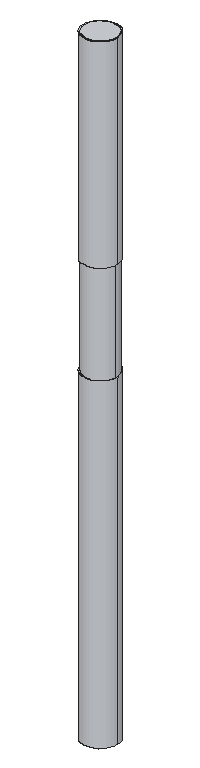
Revit family "CENTUM Gewindestift links rechts", category HLS-Bauteile, Revit 2017
Family settings
  Bemaßung runder Anschluss = Durchmesser verwenden
  Teiletyp = Normal
  Arbeitsebenenbasiert = Nein
  Immer vertikal = Nein
  Beim Laden mit Abzugskörper schneiden = Nein
  Gemeinsam genutzt = Ja
  Raumberechnungspunkt = Nein
Parameters (values of type "Gewindestift L/R M16")
  vpe = "1 St"
  Regelhalter [instance] = ""
  Oberflaeche = "feuerverzinkt"
  Mengeneinheit = "St"
  Material = "Stahl"
  Länge Gewinde 2 = "80 mm"
  Länge Gewinde 1 = "130 mm"
  Länge = 250 mm
  L3 = 6.8 mm
  L2 = 6.8 mm
  L = 250 mm
  Kurztext2 = "M16 x 250 mm fvz FK 4.6"
  Kurztext1 = "Gewindestift links-rechts"
  Gewinde = "M16"
  Gewicht pro Bauteil = Gewicht  # 0.40 kg
  Gewicht = 0.40 kg
  Firma = "MEFA Befestigungs- und Montagesysteme GmbH"
  Festigkeitsklasse = "4.6"
  Fabrikat = "MEFA"
  EAN = "4250928449603"
  D = 12.6 mm
  Artikelnummer = "1660007216"
Types (3, lengths in mm): name | L3 | L2 | Kurztext2 | Gewinde | Gewicht pro Bauteil | Gewicht | EAN | D | Artikelnummer
  (no name) | 6.8 | 6.8 | "M16 x 250 mm fvz FK 4.6" | "M16" | 0.40 kg | 0.40 kg | "4250928449603" | 12.6 | "1660007216"
  Gewindestift L/R M16 | 6.8 | 6.8 | "M16 x 250 mm fvz FK 4.6" | "M16" | 0.40 kg | 0.40 kg | "4250928449603" | 12.6 | "1660007216"
  Gewindestift L/R M12 | 4.9 | 4.9 | "M12 x 250 mm fvz FK 4.6" | "M12" | 0.22 kg | 0.22 kg | "4250928449597" | 8.8 | "1660007212"
Reference planes
  plane 1 "Mitte (Vorne/hinten)": y = 0
  plane 2: z = 0
  plane 3 "Mitte (Links/rechts)": x = 0
  plane 4: z = 250
Forms (mm)
  Extrusion 1, solid
    sketch origin (0, 0, 0) x (1, 0, 0) y (0, 1, 0)
      loop
        circle (0, 0) r 6.3
    from 0 to 250
  Extrusion 2, solid
    sketch origin (0, 0, 0) x (1, 0, 0) y (0, 1, 0)
      loop
        circle (0, 0) r 6.8
    from 0 to 130
  Extrusion 3, solid
    sketch origin (0, 0, 250) x (1, 0, 0) y (0, 1, 0)
      loop
        circle (0, 0) r 6.8
    from -80 to 0
Lines and regions (mm)
  model lines, not visible
    curve 1: line (12.5, 0, 250) -> (-12.5, 0, 250)
    curve 2: line (0, 12.5, 250) -> (0, -12.5, 250)
    curve 3: line (0, 12.5, 0) -> (0, -12.5, 0)
    curve 4: line (12.5, 0, 0) -> (-12.5, 0, 0)
    curve 5: line (0, 0, 260.037) -> (0, 0, -9.963)
Dimensions and locks
  "L": level to plane 4
  "D": diameter of Extrusion 1 sketch curve
  "L2": radius of Extrusion 2 sketch curve
  "L3": radius of Extrusion 3 sketch curve
  aligned and locked: level to plane 2
  aligned and locked: Extrusion 1 to level
  aligned and locked: Extrusion 1 to curve 1
  aligned and locked: plane 4 to Extrusion 1
  aligned and locked: curve 2 to plane 4
  aligned and locked: curve 3 to level
  aligned and locked: curve 4 to level
  aligned and locked: plane 3 "Mitte (Links/rechts)" to curve 5
  aligned and locked: curve 5 to plane 1 "Mitte (Vorne/hinten)"
Automatic sketch dimensions
  plane 1 "Mitte (Vorne/hinten)" to curve 2 = 12.5 mm
  plane 1 "Mitte (Vorne/hinten)" to curve 3 = 12.5 mm
  curve 3 to plane 1 "Mitte (Vorne/hinten)" = 12.5 mm
  curve 2 to plane 1 "Mitte (Vorne/hinten)" = 12.5 mm
  curve 4 to plane 3 "Mitte (Links/rechts)" = 12.5 mm
  curve 1 to plane 3 "Mitte (Links/rechts)" = 12.5 mm
  plane 3 "Mitte (Links/rechts)" to curve 4 = 12.5 mm
  plane 3 "Mitte (Links/rechts)" to curve 1 = 12.5 mm
  curve 5 to level = 9.963 mm
  plane 4 to curve 5 = 10.037 mm
  plane 1 "Mitte (Vorne/hinten)" to Extrusion 1 sketch curve = 0 mm
  Extrusion 1 sketch curve to plane 3 "Mitte (Links/rechts)" = 0 mm
  plane 1 "Mitte (Vorne/hinten)" to Extrusion 2 sketch curve = 0 mm
  Extrusion 2 sketch curve to plane 3 "Mitte (Links/rechts)" = 0 mm
